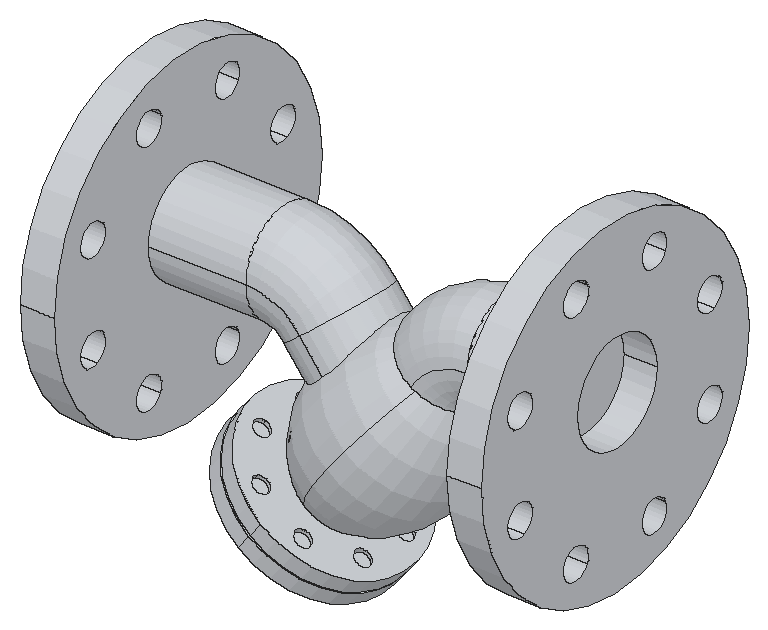
Revit family "Strainer R74FLY005", category Plumbing Fixtures, Revit 2015
Reference planes
  plane 1 "Center (Front/Back)": y = 0
  plane 2: z = 0
  plane 3 "Center (Left/Right)": x = 0
  plane 4: z = 76.292
  plane 5: z = -88.708
  plane 6: z = 58.715
  plane 7: z = -130
  plane 8: x = -95.333
  plane 9: x = 134.667
  plane 10: y = 82.5
  plane 11: y = -25.969
  plane 12: through (-25.789, -1.25, -106.456) normal (-0.6236, 0, -0.7818)
  plane 13: through (-15.096, 0, -101.821) normal (-0.7818, 0, 0.6236)
  plane 14: through (-9.376, 0, -94.292) normal (0.7812, 0, -0.6243)
  plane 15: y = -25
  plane 16: y = -42
Forms (mm)
  Extrusion 1, solid
    sketch origin (98, -1.487, -6.208) x (0, 1, 0) y (0, 0, 1)
      loop
        circle (0, 0) r 82.5
      loop
        circle (24.321, 58.715) r 8
      loop
        circle (-24.321, 58.715) r 8
      loop
        circle (-58.715, 24.321) r 8
      loop
        circle (-58.715, -24.321) r 8
      loop
        circle (-24.321, -58.715) r 8
      loop
        circle (58.715, -24.321) r 8
      loop
        circle (58.715, 24.321) r 8
      loop
        circle (24.321, -58.715) r 8
      loop
        circle (1.487, 6.208) r 25
    from 19.667 to 36.667
  Extrusion 2, solid
    sketch origin (-95.333, 0.625, -6.208) x (0, 1, 0) y (0, 0, 1)
      loop
        circle (0, 0) r 82.5
      loop
        circle (24.321, 58.715) r 8
      loop
        circle (-24.321, 58.715) r 8
      loop
        circle (-58.715, 24.321) r 8
      loop
        circle (-58.715, -24.321) r 8
      loop
        circle (-24.321, -58.715) r 8
      loop
        circle (24.321, -58.715) r 8
      loop
        circle (58.715, -24.321) r 8
      loop
        circle (58.715, 24.321) r 8
      loop
        circle (0, 6.57) r 25
    from 0 to 17
  Sweep 3, solid
    path origin (0, 0, 0) x (1, 0, 0) y (0, 0, 1)
      loop
        line (13.318, -33.513) -> (-2.85, -12.819)
        arc (-2.85, -12.819) -> (-14.841, -3.109) -> (-29.875, 0.362) r 34.296
        line (-29.875, 0.362) -> (-78.333, 0.362)
    profile origin (-54.104, 0, 0.362) x (0, 0, -1) y (0, -1, 0)
      loop
        circle (0, -0.625) r 25
  Sweep 4, solid
    path origin (0, 0, -6.208) x (-1, 0, 0) y (0, 0, -1)
      loop
        line (-117.667, -6.208) -> (-80.274, -6.208)
        arc (-80.274, -6.208) -> (-63.143, -1.239) -> (-51.33, 12.125) r 32.014
    profile origin (98.97, 0, 0) x (0, 0, -1) y (0, -1, 0)
      loop
        circle (0, 0) r 25
  Revolve 5, solid
    sketch origin (45.97, 217.413, -35.928) x (0.016697, 0.999772, -0.013344) y (0.62431, 0, 0.781177)
      loop
        line (-239.907, -71.619) -> (-238.907, -71.619)
        arc (-238.907, -71.619) -> (-256.149, -23.956) -> (-238.907, 23.706) r 74.5
        line (-238.907, 23.706) -> (-239.907, 23.706)
        arc (-239.907, 23.706) -> (-257.162, -23.956) -> (-239.907, -71.619) r 74.458
      axis (-217.432, -71.619) -> (-217.432, 23.706)
    angle from 0 to 360
  Extrusion 6, solid
    sketch origin (-9.775, -1.487, -93.94) x (0, 1, 0) y (-0.781752, 0, 0.62359)
      loop
        circle (0, 0) r 45
      loop
        circle (13.266, 32.026) r 4.364
      loop
        circle (-13.266, 32.026) r 4.364
      loop
        circle (-32.026, 13.266) r 4.364
      loop
        circle (-32.026, -13.266) r 4.364
      loop
        circle (-13.266, -32.026) r 4.364
      loop
        circle (32.026, -13.266) r 4.364
      loop
        circle (32.026, 13.266) r 4.364
      loop
        circle (13.266, -32.026) r 4.364
    from 0 to 8.5
  Extrusion 7, solid
    sketch origin (-15.684, -1.487, -101.354) x (0, 1, 0) y (-0.781752, 0, 0.62359)
      loop
        circle (0, 0) r 45
      loop
        circle (13.266, 32.026) r 4.364
      loop
        circle (-13.266, 32.026) r 4.364
      loop
        circle (-32.026, 13.266) r 4.364
      loop
        circle (-32.026, -13.266) r 4.364
      loop
        circle (-13.266, -32.026) r 4.364
      loop
        circle (32.026, -13.266) r 4.364
      loop
        circle (32.026, 13.266) r 4.364
      loop
        circle (13.266, -32.026) r 4.364
    from 0 to 8.5
  Extrusion 8, solid
    sketch origin (54.502, 11.875, -161.301) x (0.781752, 0, -0.62359) y (0, 1, 0)
      loop
        line (-122.533, 5.673) -> (-128.423, 4.528) -> (-130.376, -1.145) -> (-126.44, -5.673) -> (-120.55, -4.528) -> (-118.597, 1.145) -> (-122.533, 5.673)
    from 0 to 3
  Extrusion 9, solid
    sketch origin (56.373, 11.875, -158.956) x (0.781752, 0, -0.62359) y (0, 1, 0)
      loop
        circle (-124.486, 0) r 4.4
    from 0 to 16
  Extrusion 10, solid, not visible
    sketch origin (0, 0, -100) x (1, 0, 0) y (0, 1, 0)
      loop
        line (-122.533, 5.673) -> (-128.423, 4.528) -> (-130.376, -1.145) -> (-126.44, -5.673) -> (-120.55, -4.528) -> (-118.597, 1.145) -> (-122.533, 5.673)
    from 0 to 3
  Extrusion 11, solid, not visible
    sketch origin (0, 0, -97) x (1, 0, 0) y (0, 1, 0)
      loop
        circle (-124.486, 0) r 4.4
    from 0 to 16
  Extrusion 12, solid
    sketch origin (54.502, -14.822, -161.301) x (0.781752, 0, -0.62359) y (0, 1, 0)
      loop
        line (-122.533, 5.673) -> (-128.423, 4.528) -> (-130.376, -1.145) -> (-126.44, -5.673) -> (-120.55, -4.528) -> (-118.597, 1.145) -> (-122.533, 5.673)
    from 0 to 3
  Extrusion 13, solid
    sketch origin (56.373, -14.822, -158.956) x (0.781752, 0, -0.62359) y (0, 1, 0)
      loop
        circle (-124.486, 0) r 4.4
    from 0 to 16
  Extrusion 14, solid
    sketch origin (69.168, -33.583, -173) x (0.781752, 0, -0.62359) y (0, 1, 0)
      loop
        line (-122.533, 5.673) -> (-128.423, 4.528) -> (-130.376, -1.145) -> (-126.44, -5.673) -> (-120.55, -4.528) -> (-118.597, 1.145) -> (-122.533, 5.673)
    from 0 to 3
  Extrusion 15, solid
    sketch origin (71.039, -33.583, -170.655) x (0.781752, 0, -0.62359) y (0, 1, 0)
      loop
        circle (-124.486, 0) r 4.4
    from 0 to 16
  Extrusion 16, solid
    sketch origin (89.91, -33.583, -189.545) x (0.781752, 0, -0.62359) y (0, 1, 0)
      loop
        line (-122.533, 5.673) -> (-128.423, 4.528) -> (-130.376, -1.145) -> (-126.44, -5.673) -> (-120.55, -4.528) -> (-118.597, 1.145) -> (-122.533, 5.673)
    from 0 to 3
  Extrusion 17, solid
    sketch origin (91.78, -33.583, -187.2) x (0.781752, 0, -0.62359) y (0, 1, 0)
      loop
        circle (-124.486, 0) r 4.4
    from 0 to 16
  Extrusion 18, solid
    sketch origin (90.069, 30.504, -189.672) x (0.781752, 0, -0.62359) y (0, 1, 0)
      loop
        line (-122.533, 5.673) -> (-128.423, 4.528) -> (-130.376, -1.145) -> (-126.44, -5.673) -> (-120.55, -4.528) -> (-118.597, 1.145) -> (-122.533, 5.673)
    from 0 to 3
  Extrusion 19, solid
    sketch origin (91.939, 30.504, -187.327) x (0.781752, 0, -0.62359) y (0, 1, 0)
      loop
        circle (-124.486, 0) r 4.4
    from 0 to 16
  Extrusion 20, solid
    sketch origin (69.386, 30.504, -173.174) x (0.781752, 0, -0.62359) y (0, 1, 0)
      loop
        line (-122.533, 5.673) -> (-128.423, 4.528) -> (-130.376, -1.145) -> (-126.44, -5.673) -> (-120.55, -4.528) -> (-118.597, 1.145) -> (-122.533, 5.673)
    from 0 to 3
  Extrusion 21, solid
    sketch origin (71.257, 30.504, -170.829) x (0.781752, 0, -0.62359) y (0, 1, 0)
      loop
        circle (-124.486, 0) r 4.4
    from 0 to 16
  Extrusion 22, solid
    sketch origin (105.396, 11.998, -201.899) x (0.781752, 0, -0.62359) y (0, 1, 0)
      loop
        line (-122.533, 5.673) -> (-128.423, 4.528) -> (-130.376, -1.145) -> (-126.44, -5.673) -> (-120.55, -4.528) -> (-118.597, 1.145) -> (-122.533, 5.673)
    from 0 to 3
  Extrusion 23, solid
    sketch origin (107.267, 11.998, -199.553) x (0.781752, 0, -0.62359) y (0, 1, 0)
      loop
        circle (-124.486, 0) r 4.4
    from 0 to 16
  Extrusion 24, solid
    sketch origin (105.396, -14.534, -201.899) x (0.781752, 0, -0.62359) y (0, 1, 0)
      loop
        line (-122.533, 5.673) -> (-128.423, 4.528) -> (-130.376, -1.145) -> (-126.44, -5.673) -> (-120.55, -4.528) -> (-118.597, 1.145) -> (-122.533, 5.673)
    from 0 to 3
  Extrusion 25, solid
    sketch origin (107.267, -14.534, -199.553) x (0.781752, 0, -0.62359) y (0, 1, 0)
      loop
        circle (-124.486, 0) r 4.4
    from 0 to 16
  Revolve 26, solid
    sketch origin (120.367, -1.231, -14.135) x (0.781752, 0, -0.62359) y (0.62359, 0, 0.781752)
      loop
        line (-51.219, -153.022) -> (-71.334, -153.022) -> (-58.232, -161.026)
        arc (-58.232, -161.026) -> (-57.763, -161.269) -> (-57.265, -161.444) r 3.771
        line (-57.265, -161.444) -> (-51.219, -161.444) -> (-51.219, -153.022)
      axis (-51.219, -161.444) -> (-51.219, -153.022)
    angle from 0 to 360
  Revolve 27, solid
    sketch origin (89.586, -1.25, -57.569) x (0.781752, 0, -0.62359) y (0.62359, 0, 0.781752)
      loop
        line (-60.209, -111.165) -> (-54.209, -111.165) -> (-54.209, -108.299) -> (-60.209, -108.299)
        arc (-60.209, -108.299) -> (-60.815, -109.232) -> (-60.209, -110.165) r 1.021
        line (-60.209, -110.165) -> (-60.209, -111.165)
      axis (-54.209, -111.165) -> (-54.209, -108.299)
    angle from 0 to 360
  Extrusion 28, solid
    sketch origin (73.37, -1.198, -190.667) x (0.781752, 0, -0.62359) y (0, 1, 0)
      loop
        line (-122.533, 5.673) -> (-128.423, 4.528) -> (-130.376, -1.145) -> (-126.44, -5.673) -> (-120.55, -4.528) -> (-118.597, 1.145) -> (-122.533, 5.673)
    from 0 to 3
  Extrusion 29, solid
    sketch origin (75.241, -1.198, -188.322) x (0.781752, 0, -0.62359) y (0, 1, 0)
      loop
        circle (-124.486, 0) r 4.4
    from 0 to 16
Dimensions and locks
  locked: plane 5 to plane 4 at 165
  locked: plane 7 to plane 2 at 130
  locked: plane 8 to plane 9 at 230
  locked: Extrusion 1 to Extrusion 1 at 17
  locked: Extrusion 2 to Extrusion 2 at 17
  aligned and locked: level to plane 2
  aligned and locked: plane 8 to Extrusion 2
  aligned and locked: Extrusion 1 to plane 9
Connectors
  piping at (117.667, 0, 0), diameter 50
    settings: on Extrusion 1, index 2, connector inside diameter 609.6 mm, connector length 0 mm, flow factor 0, pipe flow 0.0 L/s, pressure drop 0.0 Pa, fitting loss kfactor 0, connector angle 0.00°, fixture units 0, engagement length 0 mm, angle of deflection 0.00°, flow configuration 0, flow direction 0, fitting loss method 0, system type 7, joint type 0, gender type 0, connector reference index -1, connector utility 0, adjustable connector no, is connector primary yes, connector description ""
  piping at (-78.333, 0.625, 0.362), diameter 50
    settings: on Sweep 3, index 3, connector inside diameter 609.6 mm, connector length 0 mm, flow factor 0, pipe flow 0.0 L/s, pressure drop 0.0 Pa, fitting loss kfactor 0, connector angle 0.00°, fixture units 0, engagement length 0 mm, angle of deflection 0.00°, flow configuration 0, flow direction 0, fitting loss method 0, system type 7, joint type 0, gender type 0, connector reference index -1, connector utility 0, adjustable connector no, is connector primary no, connector description ""
